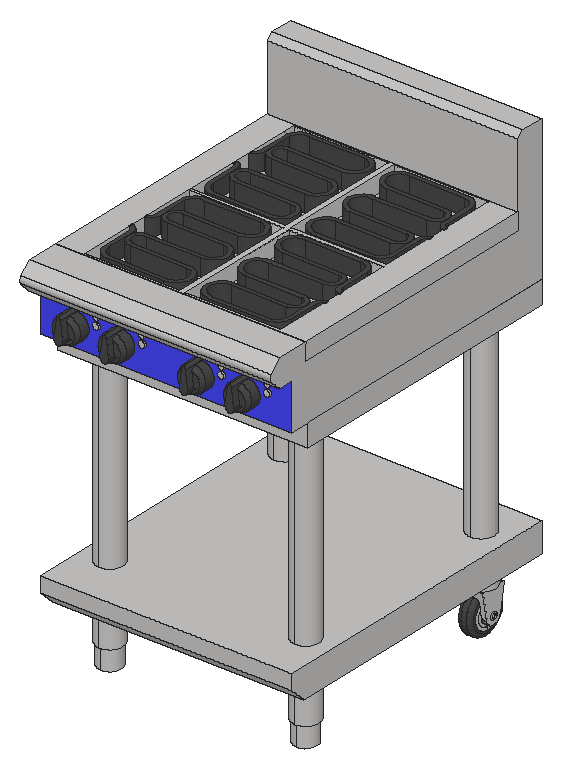
Revit family "QF_MOFFAT_BLUESEAL_CE_E514D-LS", category Specialty Equipment, Revit 2012
Parameters
  Width = 600 mm
  Weight in Pounds = 162  # constant formula
  Watts = 9600 W
  Volts = 400 V
  URL Cutsheet = "www.moffat.com"
  URL = "www.moffat.com"
  Type Mark [instance] = ""
  Status [instance] = ""
  Specification by User [instance] = ""
  Specification by Manufacturer = ""
  Show Logo [instance] = no
  Show Casters [instance] = yes
  Serial Number = ""
  Seismic Rating = ""
  SMACNA No = ""
  Revision Code [instance] = ""
  Phase = 3
  Omniclass Number and Title = ""
  Number of Poles = 1
  NAFEM Spec ID Number = ""
  Model = "E514D-LS"
  Min Ckt Ampacity = 0 A
  Max Overcurrent Protection = 0 A
  Masterspec = ""
  Manufacturer = "MOFFAT BLUESEAL"
  Legs [instance] = not(Show Casters)  # no
  Item Number [instance] = ""
  Installed By [instance] = ""
  Identify Quantity as Lot [instance] = yes
  HP = ""
  Furnished By [instance] = ""
  Foodservice Equipment Identifier [instance] = yes
  FL Amps = 20 A
  Electrical Remarks = "20A PER PHASE"
  Elec Conn RI Height = 0 mm
  Elec Conn Connection Height = 0 mm
  Description = "600MM ELECTRIC COOK TOP ON LEG STAND"
  Depth = 812 mm
  Cycle = 50 Hz
  Conn Plug = ""
  Conn Conduit = yes
  CSI MasterFormat = ""
  CSI Master Format = ""
  Base Height [instance] = 150 mm
  Apparent Power = if(Phase = 3, Volts * FL Amps * 1.73, Volts * FL Amps)  # 13840 VA
Reference planes
  plane 1 "BACK": y = 0
  plane 2: z = 0
  plane 3 "LEFT": x = 0
  plane 4 "RIGHT": x = 600
  plane 5 "FRONT": y = -812
  plane 6 "TOP": z = 970
  plane 7 "Center Y": x = 300
  plane 8 "Center X": y = -406
  plane 9 "Base Height": z = 150
  plane 10: z = 915
  plane 11: y = -31
  plane 12: z = 710
  plane 13: x = 470
  plane 14: z = 1085
  plane 15: x = 65.5
  plane 16: x = 534.5
  plane 17: y = -100
  plane 18: y = -625
Forms (mm)
  Extrusion 1, solid, material "QF_Finishes_Stainless Steel"
    sketch origin (0, 0, 0) x (0, 1, 0) y (0, 0, 1)
      loop
        line (-749, 850) -> (-749, 740) -> (0, 740) -> (0, 1085) -> (-57.5, 1085) -> (-70, 1072.5) -> (-70, 875) -> (-705, 875) -> (-705, 915) -> (-783.97, 915) -> (-808.485, 890.485)
        arc (-808.485, 890.485) -> (-811.999, 882) -> (-808.485, 873.515) r 12
        line (-808.485, 873.515) -> (-784.97, 850) -> (-749, 850)
      loop
        line (0, 685) -> (0, 739.5) -> (-699, 739.5) -> (-699, 685) -> (0, 685)
      loop
        line (0, 222.5) -> (-749, 222.5) -> (-749, 186) -> (-713, 150) -> (0, 150) -> (0, 222.5)
    from 0 to 600
  Revolve 2, solid, material "QF_Finishes_Black"
    sketch origin (88.961, 7, 598.311) x (0, 1, 0) y (0, 0, -1)
      loop
        line (-789, -229.5) -> (-766, -229.5) -> (-766, -202) -> (-756, -202) -> (-756, -197) -> (-800, -197) -> (-800, -223.651) -> (-789, -229.5)
      axis (-800, -197) -> (-756, -197)
    angle from 0 to 360
  Extrusion 3, solid, material "QF_Finishes_Black"
    sketch origin (88.961, -759, 795.311) x (0, 0, 1) y (1, 0, 0)
      loop
        arc (32.192, -4.965) -> (37.079, 0.034) -> (32.192, 5.033) r 5
        line (32.192, 5.033) -> (-10.726, 10.453)
        arc (-10.726, 10.453) -> (-22.392, 0.618) -> (-11.893, -10.454) r 10.487
        line (-11.893, -10.454) -> (32.192, -4.965)
    from 0 to -49
  Extrusion 4, solid, material "QF_Finishes_Stainless Steel"
    sketch origin (0, 0, 222.5) x (0, -1, 0) y (1, 0, 0)
      loop
        circle (100, 65) r 31.75
      loop
        circle (625, 65) r 31.75
      loop
        circle (100, 535) r 31.75
      loop
        circle (625, 535) r 31.75
    from 0 to 462.5
  Revolve 5, solid, material "QF_Finishes_Stainless Steel", visible <- "Legs"
    sketch origin (65.5, -166, 0) x (0, 1, 0) y (0, 0, 1)
      loop
        line (34.25, 150) -> (34.25, 50) -> (38.5, 50) -> (38.5, 0) -> (66, 0) -> (66, 150) -> (34.25, 150)
      axis (66, 150) -> (66, 0)
    angle from 0 to 360
  Revolve 6, solid, material "QF_Finishes_Stainless Steel"
    sketch origin (65.5, -735, 0) x (0, 1, 0) y (0, 0, 1)
      loop
        line (78.25, 150) -> (78.25, 50) -> (82.5, 50) -> (82.5, 0) -> (110, 0) -> (110, 150) -> (78.25, 150)
      axis (110, 150) -> (110, 0)
    angle from 0 to 360
  Revolve 7, solid, material "QF_Finishes_Stainless Steel", visible <- "Legs"
    sketch origin (534.5, -166, 0) x (0, 1, 0) y (0, 0, -1)
      loop
        line (34.25, -150) -> (66, -150) -> (66, 0) -> (38.5, 0) -> (38.5, -50) -> (34.25, -50) -> (34.25, -150)
      axis (66, -150) -> (66, 0)
    angle from 0 to 360
  Revolve 8, solid, material "QF_Finishes_Stainless Steel"
    sketch origin (534.5, -728, 0) x (0, 1, 0) y (0, 0, -1)
      loop
        line (71.25, -150) -> (103, -150) -> (103, 0) -> (75.5, 0) -> (75.5, -50) -> (71.25, -50) -> (71.25, -150)
      axis (103, -150) -> (103, 0)
    angle from 0 to 360
  Extrusion 9, void
    sketch origin (0, -699, 740) x (0, -1, 0) y (1, 0, 0)
      loop
        circle (-668, 470) r 6.35
    from 0 to -62.281
  Extrusion 10, solid, material "QF_Finishes_Stainless Steel"
    sketch origin (-45, -749, 850) x (0, 0, -1) y (1, 0, 0)
      loop
        circle (44.61, 179) r 7.15
      loop
        circle (24.61, 179) r 7.15
    from 0 to 3.2
  Revolve 11, solid, material "QF_Finishes_Stainless Steel", visible <- "Show Casters"
    sketch origin (16.276, -100.755, -13.653) x (1, 0, 0) y (0, 0, 1)
      loop
        line (14.841, 63.604) -> (83.584, 63.604) -> (83.584, 67.109) -> (82.314, 68.379) -> (80.79, 68.379) -> (80.79, 71.826) -> (68.644, 71.826) -> (68.644, 81.79) -> (65.088, 83.843) -> (63.738, 92.179) -> (65.881, 92.179) -> (65.881, 98.529) -> (65.088, 98.529) -> (65.088, 104.879)
        arc (65.088, 104.879) -> (62.298, 111.614) -> (55.563, 114.404) r 9.525
        line (55.563, 114.404) -> (42.863, 114.404)
        arc (42.863, 114.404) -> (36.127, 111.614) -> (33.338, 104.879) r 9.525
        line (33.338, 104.879) -> (33.338, 98.529) -> (32.544, 98.529) -> (32.544, 92.179) -> (34.687, 92.179) -> (33.352, 83.932) -> (29.782, 81.871) -> (29.782, 71.826) -> (17.635, 71.826) -> (17.635, 68.379) -> (16.111, 68.379) -> (14.841, 67.109) -> (14.841, 63.604)
      axis (14.841, 63.604) -> (83.584, 63.604)
    angle from 0 to 360
  Extrusion 12, solid, material "QF_Finishes_Stainless Steel", visible <- "Show Casters"
    sketch origin (72.001, 132.353, -8.783) x (0, 1, 0) y (0, 0, 1)
      loop
        line (-200.603, 118.783) -> (-264.103, 118.783) -> (-251.746, 53.895)
        arc (-251.746, 53.895) -> (-232.353, 38.783) -> (-212.959, 53.895) r 20
        line (-212.959, 53.895) -> (-200.603, 118.783)
    from -35.667 to 22.923
  Revolve 13, solid, material "QF_Finishes_Stainless Steel", visible <- "Show Casters"
    sketch origin (65.5, -204, 0) x (0, 1, 0) y (0, 0, 1)
      loop
        line (68.25, 150) -> (68.25, 110) -> (104, 110) -> (104, 150) -> (68.25, 150)
      axis (104, 150) -> (104, 110)
    angle from 0 to 360
  Revolve 14, solid, material "QF_Finishes_Stainless Steel", visible <- "Legs"
    sketch origin (65.5, -166, 0) x (0, 1, 0) y (0, 0, 1)
      loop
        line (34.25, 150) -> (34.25, 50) -> (38.5, 50) -> (38.5, 0) -> (66, 0) -> (66, 150) -> (34.25, 150)
      axis (66, 150) -> (66, 0)
    angle from 0 to 360
  Revolve 15, solid, material "QF_Finishes_Stainless Steel", visible <- "Show Casters"
    sketch origin (485.276, -100.755, -13.653) x (1, 0, 0) y (0, 0, 1)
      loop
        line (14.841, 63.604) -> (83.584, 63.604) -> (83.584, 67.109) -> (82.314, 68.379) -> (80.79, 68.379) -> (80.79, 71.826) -> (68.644, 71.826) -> (68.644, 81.79) -> (65.088, 83.843) -> (63.738, 92.179) -> (65.881, 92.179) -> (65.881, 98.529) -> (65.088, 98.529) -> (65.088, 104.879)
        arc (65.088, 104.879) -> (62.298, 111.614) -> (55.563, 114.404) r 9.525
        line (55.563, 114.404) -> (42.863, 114.404)
        arc (42.863, 114.404) -> (36.127, 111.614) -> (33.338, 104.879) r 9.525
        line (33.338, 104.879) -> (33.338, 98.529) -> (32.544, 98.529) -> (32.544, 92.179) -> (34.687, 92.179) -> (33.352, 83.932) -> (29.782, 81.871) -> (29.782, 71.826) -> (17.635, 71.826) -> (17.635, 68.379) -> (16.111, 68.379) -> (14.841, 67.109) -> (14.841, 63.604)
      axis (14.841, 63.604) -> (83.584, 63.604)
    angle from 0 to 360
  Extrusion 16, solid, material "QF_Finishes_Stainless Steel", visible <- "Show Casters"
    sketch origin (541.001, 132.353, -8.783) x (0, 1, 0) y (0, 0, 1)
      loop
        line (-200.603, 118.783) -> (-264.103, 118.783) -> (-251.746, 53.895)
        arc (-251.746, 53.895) -> (-232.353, 38.783) -> (-212.959, 53.895) r 20
        line (-212.959, 53.895) -> (-200.603, 118.783)
    from -35.667 to 22.923
  Revolve 17, solid, material "QF_Finishes_Stainless Steel", visible <- "Show Casters"
    sketch origin (534.5, -204, 0) x (0, 1, 0) y (0, 0, 1)
      loop
        line (68.25, 150) -> (68.25, 110) -> (104, 110) -> (104, 150) -> (68.25, 150)
      axis (104, 150) -> (104, 110)
    angle from 0 to 360
  Revolve 18, solid, material "QF_Finishes_Black"
    sketch origin (198.961, 7, 598.311) x (0, 1, 0) y (0, 0, -1)
      loop
        line (-789, -229.5) -> (-766, -229.5) -> (-766, -202) -> (-756, -202) -> (-756, -197) -> (-800, -197) -> (-800, -223.651) -> (-789, -229.5)
      axis (-800, -197) -> (-756, -197)
    angle from 0 to 360
  Extrusion 19, solid, material "QF_Finishes_Black"
    sketch origin (198.961, -759, 795.311) x (0, 0, 1) y (1, 0, 0)
      loop
        arc (32.192, -4.965) -> (37.079, 0.034) -> (32.192, 5.033) r 5
        line (32.192, 5.033) -> (-10.726, 10.453)
        arc (-10.726, 10.453) -> (-22.392, 0.618) -> (-11.893, -10.454) r 10.487
        line (-11.893, -10.454) -> (32.192, -4.965)
    from 0 to -49
  Extrusion 20, solid, material "QF_Finishes_Stainless Steel"
    sketch origin (65, -749, 850) x (0, 0, -1) y (1, 0, 0)
      loop
        circle (44.61, 179) r 7.15
      loop
        circle (24.61, 179) r 7.15
    from 0 to 3.2
  Revolve 21, solid, material "QF_Finishes_Black"
    sketch origin (388.961, 7, 598.311) x (0, 1, 0) y (0, 0, -1)
      loop
        line (-789, -229.5) -> (-766, -229.5) -> (-766, -202) -> (-756, -202) -> (-756, -197) -> (-800, -197) -> (-800, -223.651) -> (-789, -229.5)
      axis (-800, -197) -> (-756, -197)
    angle from 0 to 360
  Extrusion 22, solid, material "QF_Finishes_Black"
    sketch origin (388.961, -759, 795.311) x (0, 0, 1) y (1, 0, 0)
      loop
        arc (32.192, -4.965) -> (37.079, 0.034) -> (32.192, 5.033) r 5
        line (32.192, 5.033) -> (-10.726, 10.453)
        arc (-10.726, 10.453) -> (-22.392, 0.618) -> (-11.893, -10.454) r 10.487
        line (-11.893, -10.454) -> (32.192, -4.965)
    from 0 to -49
  Extrusion 23, solid, material "QF_Finishes_Stainless Steel"
    sketch origin (255, -749, 850) x (0, 0, -1) y (1, 0, 0)
      loop
        circle (44.61, 179) r 7.15
      loop
        circle (24.61, 179) r 7.15
    from 0 to 3.2
  Revolve 24, solid, material "QF_Finishes_Black"
    sketch origin (498.961, 7, 598.311) x (0, 1, 0) y (0, 0, -1)
      loop
        line (-789, -229.5) -> (-766, -229.5) -> (-766, -202) -> (-756, -202) -> (-756, -197) -> (-800, -197) -> (-800, -223.651) -> (-789, -229.5)
      axis (-800, -197) -> (-756, -197)
    angle from 0 to 360
  Extrusion 25, solid, material "QF_Finishes_Black"
    sketch origin (498.961, -759, 795.311) x (0, 0, 1) y (1, 0, 0)
      loop
        arc (32.192, -4.965) -> (37.079, 0.034) -> (32.192, 5.033) r 5
        line (32.192, 5.033) -> (-10.726, 10.453)
        arc (-10.726, 10.453) -> (-22.392, 0.618) -> (-11.893, -10.454) r 10.487
        line (-11.893, -10.454) -> (32.192, -4.965)
    from 0 to -49
  Extrusion 26, solid, material "QF_Finishes_Stainless Steel"
    sketch origin (365, -749, 850) x (0, 0, -1) y (1, 0, 0)
      loop
        circle (44.61, 179) r 7.15
      loop
        circle (24.61, 179) r 7.15
    from 0 to 3.2
Cuts and joins
  Extrusion 9 cuts Extrusion 1
Lines and regions (mm)
  Split face 1
    outline origin (600, 0, 1085) x (-1, 0, 0) y (0, -1, 0)
      loop
        arc (556, 18.385) -> (564.66, 23.385) -> (564.66, 33.385) r 10
        line (564.66, 33.385) -> (560.619, 40.385)
        arc (560.619, 40.385) -> (556.959, 44.045) -> (551.959, 45.385) r 10
        line (551.959, 45.385) -> (324, 45.385)
        arc (324, 45.385) -> (315.34, 40.385) -> (315.34, 30.385) r 10
        line (315.34, 30.385) -> (319.381, 23.385)
        arc (319.381, 23.385) -> (323.041, 19.725) -> (328.041, 18.385) r 10
        line (328.041, 18.385) -> (556, 18.385)
  Split face 2
    outline origin (600, 0, 1085) x (-1, 0, 0) y (0, -1, 0)
      loop
        arc (276, 18.385) -> (284.66, 23.385) -> (284.66, 33.385) r 10
        line (284.66, 33.385) -> (280.619, 40.385)
        arc (280.619, 40.385) -> (276.959, 44.045) -> (271.959, 45.385) r 10
        line (271.959, 45.385) -> (44, 45.385)
        arc (44, 45.385) -> (35.34, 40.385) -> (35.34, 30.385) r 10
        line (35.34, 30.385) -> (39.381, 23.385)
        arc (39.381, 23.385) -> (43.041, 19.725) -> (48.041, 18.385) r 10
        line (48.041, 18.385) -> (276, 18.385)
  symbolic lines, style "SpecialityEquipmentHiddenLines", visible <- "Show Casters"
    curve 1: line (78.456, -46.735, 0) -> (105.952, -62.61, 0)
    curve 2: line (27.656, -134.723, 0) -> (78.456, -46.735, 0)
    curve 3: line (55.152, -150.598, 0) -> (27.656, -134.723, 0)
    curve 4: line (105.952, -62.61, 0) -> (55.152, -150.598, 0)
    curve 5: line (548.456, -46.735, 0) -> (575.952, -62.61, 0)
    curve 6: line (497.656, -134.723, 0) -> (548.456, -46.735, 0)
    curve 7: line (525.152, -150.598, 0) -> (497.656, -134.723, 0)
    curve 8: line (575.952, -62.61, 0) -> (525.152, -150.598, 0)
  symbolic lines
    curve 9: line (271.959, -18.385, 0) -> (44, -18.385, 0)
    curve 10: arc (44, -18.385, 0) -> (35.34, -23.385, 0) -> (35.34, -33.385, 0) r 10
    curve 11: line (35.34, -33.385, 0) -> (39.381, -40.385, 0)
    curve 12: arc (39.381, -40.385, 0) -> (43.041, -44.045, 0) -> (48.041, -45.385, 0) r 10
    curve 13: line (48.041, -45.385, 0) -> (276, -45.385, 0)
    curve 14: arc (276, -45.385, 0) -> (284.66, -40.385, 0) -> (284.66, -30.385, 0) r 10
    curve 15: line (284.66, -30.385, 0) -> (280.619, -23.385, 0)
    curve 16: arc (280.619, -23.385, 0) -> (276.959, -19.725, 0) -> (271.959, -18.385, 0) r 10
    curve 17: line (324, -18.385, 0) -> (551.959, -18.385, 0)
    curve 18: arc (551.959, -18.385, 0) -> (556.959, -19.725, 0) -> (560.619, -23.385, 0) r 10
    curve 19: line (560.619, -23.385, 0) -> (564.66, -30.385, 0)
    curve 20: arc (564.66, -30.385, 0) -> (564.66, -40.385, 0) -> (556, -45.385, 0) r 10
    curve 21: line (556, -45.385, 0) -> (328.041, -45.385, 0)
    curve 22: arc (328.041, -45.385, 0) -> (323.041, -44.045, 0) -> (319.381, -40.385, 0) r 10
    curve 23: line (319.381, -40.385, 0) -> (315.34, -33.385, 0)
    curve 24: arc (315.34, -33.385, 0) -> (315.34, -23.385, 0) -> (324, -18.385, 0) r 10
    curve 25: line (0, -783.97, 0) -> (600, -783.97, 0)
    curve 26: line (0, 0, 0) -> (0, -811.999, 0)
    curve 27: line (600, -811.999, 0) -> (600, 0, 0)
    curve 28: line (600, -811.999, 0) -> (0, -811.999, 0)
    curve 29: line (0, -70, 0) -> (600, -70, 0)
    curve 30: line (0, -57.5, 0) -> (600, -57.5, 0)
    curve 31: line (600, 0, 0) -> (0, 0, 0)
Dimensions and locks
  equal spacing: plane 3 "LEFT", plane 7 "Center Y", plane 4 "RIGHT"
  "Width": plane 3 "LEFT" to plane 4 "RIGHT"
  equal spacing: plane 5 "FRONT", plane 8 "Center X", plane 1 "BACK"
  "Depth": plane 5 "FRONT" to plane 1 "BACK"
  equal spacing: plane 4 "RIGHT", plane 7 "Center Y", plane 3 "LEFT"
  plane 4 "RIGHT" to plane 3 "LEFT" = 600 mm
  plane 5 "FRONT" to plane 1 "BACK" = 812 mm
  "Base Height": plane 9 "Base Height" to level
  plane 6 "TOP" to level = 970 mm
  plane 10 to level = 915 mm
  plane 11 to plane 1 "BACK" = 31 mm
  plane 12 to level = 710 mm
  plane 13 to plane 4 "RIGHT" = 130 mm
  plane 14 to plane 2 = 1085 mm
  Revolve 11 sketch curve to Revolve 11 sketch curve = 50.8 mm
  Revolve 15 sketch curve to Revolve 15 sketch curve = 50.8 mm
  plane 2 to cut or joined group of Extrusion 1, Extrusion 9 = 740 mm
  Extrusion 9 sketch curve to plane 1 "BACK" = 31 mm
  plane 15 to plane 16 = 469 mm
  plane 17 to plane 18 = 525 mm
  aligned and locked: level to plane 2
  aligned and locked: Extrusion 4 to cut or joined group of Extrusion 1, Extrusion 9
Automatic sketch dimensions
  plane 1 "BACK" to curve 31 = 0 mm
  curve 31 to plane 3 "LEFT" = 0 mm
  curve 27 to plane 4 "RIGHT" = 0 mm
  plane 3 "LEFT" to curve 3 = 27.656 mm
  curve 10 to plane 11 = 2.385 mm
  plane 15 to curve 10 = 30.16 mm
  curve 11 to curve 12 = 4.041 mm
  curve 10 to curve 9 = 8.66 mm
  curve 12 to plane 11 = 4.385 mm
  curve 10 to curve 12 = 4.041 mm
  plane 15 to curve 3 = 10.348 mm
  curve 2 to plane 15 = 12.956 mm
  plane 11 to curve 9 = 12.615 mm
  curve 9 to plane 7 "Center Y" = 28.041 mm
  curve 14 to plane 11 = 4.385 mm
  curve 16 to curve 14 = 4.041 mm
  plane 11 to curve 15 = 7.615 mm
  curve 16 to curve 15 = 8.66 mm
  plane 11 to curve 14 = 0.615 mm
  curve 15 to curve 14 = 4.041 mm
  curve 24 to plane 11 = 2.385 mm
  plane 7 "Center Y" to curve 24 = 15.34 mm
  curve 23 to plane 11 = 9.385 mm
  curve 23 to curve 23 = 4.041 mm
  plane 11 to curve 17 = 12.615 mm
  curve 24 to curve 17 = 8.66 mm
  curve 23 to curve 22 = 8.66 mm
  plane 13 to curve 7 = 27.656 mm
  plane 16 to curve 8 = 9.348 mm
  curve 6 to plane 16 = 13.956 mm
  curve 18 to plane 16 = 17.459 mm
  curve 5 to curve 21 = 7.544 mm
  plane 11 to curve 19 = 7.615 mm
  curve 17 to curve 19 = 8.66 mm
  plane 11 to curve 20 = 0.615 mm
  curve 18 to curve 20 = 4.041 mm
  curve 1 to plane 11 = 15.735 mm
  curve 5 to plane 11 = 15.735 mm
  curve 30 to plane 11 = 26.5 mm
  curve 4 to curve 1 = 15.875 mm
  curve 5 to curve 30 = 5.11 mm
  curve 29 to curve 30 = 12.5 mm
  curve 25 to plane 5 "FRONT" = 28.03 mm
  curve 28 to plane 5 "FRONT" = 0.001 mm
  curve 22 to curve 23 = 5 mm
  plane 10 to Extrusion 1 sketch curve = 0 mm
  Extrusion 1 sketch curve to plane 9 "Base Height" = 0 mm
  plane 14 to Extrusion 1 sketch curve = 0 mm
  Extrusion 1 sketch curve to plane 1 "BACK" = 0 mm  (x3)
  Extrusion 1 sketch curve to plane 11 = 26.5 mm
  plane 14 to Extrusion 1 sketch curve = 12.5 mm
  Extrusion 1 sketch curve to Extrusion 1 sketch curve = 12.5 mm
  Extrusion 1 sketch curve to plane 12 = 25 mm
  plane 18 to Extrusion 1 sketch curve = 74 mm
  plane 18 to Extrusion 1 sketch curve = 80 mm
  plane 18 to Extrusion 1 sketch curve = 88 mm
  Extrusion 1 sketch curve to Extrusion 1 sketch curve = 44 mm
  Extrusion 1 sketch curve to Extrusion 1 sketch curve = 36 mm
  Extrusion 1 sketch curve to plane 5 "FRONT" = 28.03 mm
  Extrusion 1 sketch curve to plane 5 "FRONT" = 27.03 mm
  Extrusion 1 sketch curve to plane 5 "FRONT" = 12.001 mm
  Extrusion 1 sketch curve to plane 5 "FRONT" = 3.515 mm  (x2)
  plane 9 "Base Height" to Extrusion 1 sketch curve = 36 mm
  plane 9 "Base Height" to Extrusion 1 sketch curve = 72.5 mm
  plane 12 to Extrusion 1 sketch curve = 29.5 mm
  Extrusion 1 sketch curve to Extrusion 1 sketch curve = 0.5 mm
  plane 10 to Extrusion 1 sketch curve = 65 mm
  Extrusion 1 sketch curve to Extrusion 1 sketch curve = 23.515 mm
  plane 10 to Extrusion 1 sketch curve = 40 mm
  Extrusion 1 sketch curve to Extrusion 1 sketch curve = 8.485 mm
  Revolve 2 sketch curve to plane 5 "FRONT" = 19 mm
  Revolve 2 sketch curve to Revolve 2 sketch curve = 0 mm  (x2)
  Revolve 2 sketch curve to Revolve 2 sketch curve = 11 mm
  Revolve 2 sketch curve to Revolve 2 sketch curve = 12.7 mm
  Revolve 2 sketch curve to Revolve 2 sketch curve = 23 mm
  Revolve 2 sketch curve to Revolve 2 sketch curve = 10 mm
  plane 10 to Revolve 2 sketch curve = 87.189 mm
  Revolve 2 sketch curve to Revolve 2 sketch curve = 5.849 mm
  Revolve 2 sketch curve to Revolve 2 sketch curve = 27.5 mm
  Revolve 2 sketch curve to Revolve 2 sketch curve = 5 mm
  Extrusion 3 sketch curve to Revolve 2 = 0.034 mm  (x2)
  Revolve 2 to Extrusion 3 sketch curve = 10.454 mm
  Extrusion 3 sketch curve to Extrusion 3 sketch curve = 0.028 mm
  Extrusion 3 sketch curve to Revolve 2 = 10.453 mm
  Extrusion 3 sketch curve to Extrusion 3 sketch curve = 44 mm
  Extrusion 3 sketch curve to Revolve 2 = 5.033 mm
  Extrusion 3 sketch curve to Extrusion 3 sketch curve = 0.113 mm
  Revolve 2 to Extrusion 3 sketch curve = 4.965 mm
  Extrusion 4 sketch curve to Extrusion 4 sketch curve = 0 mm  (x8)
  Extrusion 1 to Extrusion 4 sketch curve = 68.25 mm  (x2)
  Extrusion 4 sketch curve to Extrusion 4 sketch curve = 31.75 mm  (x4)
  Extrusion 4 sketch curve to Extrusion 1 = 155.75 mm  (x2)
  Extrusion 1 to Extrusion 4 sketch curve = 65 mm  (x4)
  Revolve 5 sketch curve to plane 9 "Base Height" = 0 mm
  Revolve 5 sketch curve to level = 0 mm
  Revolve 5 sketch curve to plane 17 = 0 mm  (x2)
  Revolve 5 sketch curve to plane 17 = 27.5 mm
  Revolve 5 sketch curve to plane 17 = 31.75 mm
  Revolve 5 sketch curve to Revolve 5 sketch curve = 55 mm
  level to Revolve 5 sketch curve = 50 mm
  Revolve 5 sketch curve to Revolve 5 sketch curve = 0 mm
  Revolve 6 sketch curve to plane 9 "Base Height" = 0 mm
  Revolve 6 sketch curve to level = 0 mm
  Revolve 6 sketch curve to plane 18 = 0 mm  (x2)
  Revolve 6 sketch curve to Revolve 6 sketch curve = 27.5 mm
  Revolve 6 sketch curve to Revolve 6 sketch curve = 31.75 mm
  Revolve 6 sketch curve to Revolve 6 sketch curve = 55 mm
  level to Revolve 6 sketch curve = 50 mm
  Revolve 6 sketch curve to Revolve 6 sketch curve = 0 mm
  Revolve 7 sketch curve to plane 9 "Base Height" = 0 mm
  Revolve 7 sketch curve to level = 0 mm
  Revolve 7 sketch curve to plane 17 = 0 mm  (x2)
  Revolve 7 sketch curve to plane 17 = 27.5 mm
  Revolve 7 sketch curve to plane 17 = 31.75 mm
  level to Revolve 7 sketch curve = 50 mm
  Revolve 7 sketch curve to Revolve 7 sketch curve = 0 mm
  Revolve 7 sketch curve to Revolve 7 sketch curve = 55 mm
  Revolve 8 sketch curve to plane 9 "Base Height" = 0 mm
  Revolve 8 sketch curve to level = 0 mm
  Revolve 8 sketch curve to plane 18 = 0 mm  (x2)
  plane 18 to Revolve 8 sketch curve = 27.5 mm
  plane 18 to Revolve 8 sketch curve = 31.75 mm
  level to Revolve 8 sketch curve = 50 mm
  Revolve 8 sketch curve to Revolve 8 sketch curve = 0 mm
  Revolve 8 sketch curve to Revolve 8 sketch curve = 55 mm
  Extrusion 9 sketch curve to Extrusion 1 = 130 mm
  Split face 1 sketch curve to cut or joined group of Extrusion 1, Extrusion 9 = 27.115 mm
  Split face 1 sketch curve to cut or joined group of Extrusion 1, Extrusion 9 = 284.66 mm
  Split face 1 sketch curve to Split face 1 sketch curve = 4.041 mm  (x4)
  Split face 1 sketch curve to Split face 1 sketch curve = 8.66 mm  (x2)
  Split face 1 sketch curve to cut or joined group of Extrusion 1, Extrusion 9 = 12.115 mm
  Split face 1 sketch curve to cut or joined group of Extrusion 1, Extrusion 9 = 48.041 mm
  Split face 1 sketch curve to Split face 1 sketch curve = 7 mm  (x3)
  Split face 1 sketch curve to Split face 1 sketch curve = 17 mm
  Split face 2 sketch curve to cut or joined group of Extrusion 1, Extrusion 9 = 35.34 mm
  Split face 2 sketch curve to Split face 2 sketch curve = 4.041 mm  (x4)
  Split face 2 sketch curve to Split face 2 sketch curve = 8.66 mm  (x2)
  Split face 2 sketch curve to cut or joined group of Extrusion 1, Extrusion 9 = 12.115 mm
  Split face 2 sketch curve to Split face 2 sketch curve = 223.917 mm
  Split face 2 sketch curve to Split face 2 sketch curve = 5 mm
  Split face 2 sketch curve to Split face 2 sketch curve = 10 mm
  Split face 2 sketch curve to Split face 2 sketch curve = 7 mm  (x3)
  Extrusion 10 sketch curve to Extrusion 1 = 24.61 mm
  Extrusion 10 sketch curve to Extrusion 10 sketch curve = 20 mm
  Extrusion 1 to Extrusion 10 sketch curve = 134 mm
  Extrusion 10 sketch curve to Extrusion 10 sketch curve = 0 mm
  plane 3 "LEFT" to Revolve 11 sketch curve = 31.118 mm
  Revolve 11 sketch curve to Revolve 11 sketch curve = 1.27 mm  (x4)
  Revolve 11 sketch curve to Revolve 11 sketch curve = 1.524 mm  (x2)
  Revolve 11 sketch curve to Revolve 11 sketch curve = 12.146 mm  (x2)
  plane 15 to Revolve 11 sketch curve = 16.68 mm
  Revolve 11 sketch curve to Revolve 11 sketch curve = 0.794 mm  (x2)
  Revolve 11 sketch curve to Revolve 11 sketch curve = 3.57 mm
  Revolve 11 sketch curve to Revolve 11 sketch curve = 2.143 mm
  plane 15 to Revolve 11 sketch curve = 6.361 mm
  Revolve 11 sketch curve to plane 15 = 5.13 mm
  Revolve 11 sketch curve to plane 15 = 6.339 mm
  Revolve 11 sketch curve to plane 15 = 14.515 mm
  Revolve 11 sketch curve to Revolve 11 sketch curve = 1.349 mm  (x2)
  Revolve 11 sketch curve to Revolve 11 sketch curve = 3.556 mm
  Revolve 11 sketch curve to Revolve 11 sketch curve = 33.32 mm
  level to Revolve 11 sketch curve = 49.952 mm
  Revolve 11 sketch curve to Revolve 11 sketch curve = 0 mm
  Revolve 11 sketch curve to Revolve 11 sketch curve = 3.505 mm  (x2)
  Revolve 11 sketch curve to Revolve 11 sketch curve = 3.447 mm  (x2)
  Revolve 11 sketch curve to Revolve 11 sketch curve = 9.964 mm
  Revolve 11 sketch curve to Revolve 11 sketch curve = 10.045 mm
  Revolve 11 sketch curve to Revolve 11 sketch curve = 2.053 mm
  Revolve 11 sketch curve to Revolve 11 sketch curve = 2.061 mm
  Revolve 11 sketch curve to Revolve 11 sketch curve = 8.247 mm
  Revolve 11 sketch curve to Revolve 11 sketch curve = 8.336 mm
  Revolve 11 sketch curve to Revolve 11 sketch curve = 6.35 mm  (x2)
  Extrusion 12 sketch curve to plane 17 = 0 mm
  Extrusion 12 sketch curve to plane 17 = 19.393 mm
  Extrusion 12 sketch curve to plane 17 = 31.75 mm
  plane 17 to Extrusion 12 sketch curve = 19.393 mm
  plane 17 to Extrusion 12 sketch curve = 31.75 mm
  level to Extrusion 12 sketch curve = 45.111 mm
  Extrusion 12 sketch curve to Extrusion 12 sketch curve = 4.889 mm
  Extrusion 12 sketch curve to plane 9 "Base Height" = 40 mm
  Revolve 13 sketch curve to plane 9 "Base Height" = 0 mm
  Revolve 13 sketch curve to plane 17 = 0 mm  (x2)
  Revolve 13 sketch curve to plane 17 = 35.75 mm
  Revolve 13 sketch curve to Revolve 13 sketch curve = 40 mm
  level to Revolve 13 sketch curve = 50 mm
  Revolve 13 sketch curve to level = 55 mm
  Revolve 14 sketch curve to plane 9 "Base Height" = 0 mm
  Revolve 14 sketch curve to level = 0 mm
  Revolve 14 sketch curve to plane 17 = 0 mm  (x2)
  Revolve 14 sketch curve to plane 17 = 27.5 mm
  Revolve 14 sketch curve to plane 17 = 31.75 mm
  Revolve 14 sketch curve to Revolve 14 sketch curve = 55 mm
  level to Revolve 14 sketch curve = 50 mm
  Revolve 14 sketch curve to Revolve 14 sketch curve = 0 mm
  plane 13 to Revolve 15 sketch curve = 30.118 mm
  Revolve 15 sketch curve to Revolve 15 sketch curve = 1.27 mm  (x4)
  Revolve 15 sketch curve to Revolve 15 sketch curve = 1.524 mm  (x2)
  Revolve 15 sketch curve to Revolve 15 sketch curve = 12.146 mm  (x2)
  plane 16 to Revolve 15 sketch curve = 16.68 mm
  Revolve 15 sketch curve to Revolve 15 sketch curve = 0.794 mm  (x2)
  Revolve 15 sketch curve to Revolve 15 sketch curve = 3.57 mm
  Revolve 15 sketch curve to Revolve 15 sketch curve = 2.143 mm
  plane 16 to Revolve 15 sketch curve = 6.361 mm
  Revolve 15 sketch curve to plane 16 = 5.13 mm
  Revolve 15 sketch curve to plane 16 = 6.339 mm
  Revolve 15 sketch curve to plane 16 = 14.515 mm
  Revolve 15 sketch curve to Revolve 15 sketch curve = 1.349 mm  (x2)
  Revolve 15 sketch curve to Revolve 15 sketch curve = 3.556 mm
  Revolve 15 sketch curve to plane 4 "RIGHT" = 2.18 mm
  level to Revolve 15 sketch curve = 49.952 mm
  Revolve 15 sketch curve to Revolve 15 sketch curve = 0 mm
  Revolve 15 sketch curve to Revolve 15 sketch curve = 3.505 mm  (x2)
  Revolve 15 sketch curve to Revolve 15 sketch curve = 3.447 mm  (x2)
  Revolve 15 sketch curve to Revolve 15 sketch curve = 9.964 mm
  Revolve 15 sketch curve to Revolve 15 sketch curve = 10.045 mm
  Revolve 15 sketch curve to Revolve 15 sketch curve = 2.053 mm
  Revolve 15 sketch curve to Revolve 15 sketch curve = 2.061 mm
  Revolve 15 sketch curve to Revolve 15 sketch curve = 8.247 mm
  Revolve 15 sketch curve to Revolve 15 sketch curve = 8.336 mm
  Revolve 15 sketch curve to Revolve 15 sketch curve = 6.35 mm  (x2)
  Extrusion 16 sketch curve to plane 17 = 0 mm
  Extrusion 16 sketch curve to plane 17 = 19.393 mm
  Extrusion 16 sketch curve to plane 17 = 31.75 mm
  plane 17 to Extrusion 16 sketch curve = 19.393 mm
  plane 17 to Extrusion 16 sketch curve = 31.75 mm
  level to Extrusion 16 sketch curve = 45.111 mm
  Extrusion 16 sketch curve to Extrusion 16 sketch curve = 4.889 mm
  Extrusion 16 sketch curve to plane 9 "Base Height" = 40 mm
  Revolve 17 sketch curve to plane 9 "Base Height" = 0 mm
  Revolve 17 sketch curve to plane 17 = 0 mm  (x2)
  Revolve 17 sketch curve to Revolve 17 sketch curve = 35.75 mm
  Revolve 17 sketch curve to Revolve 17 sketch curve = 40 mm
  level to Revolve 17 sketch curve = 50 mm
  Revolve 17 sketch curve to level = 55 mm
  Revolve 18 sketch curve to plane 5 "FRONT" = 19 mm
  Revolve 18 sketch curve to Revolve 18 sketch curve = 0 mm  (x2)
  Revolve 18 sketch curve to Revolve 18 sketch curve = 11 mm
  Revolve 18 sketch curve to Revolve 18 sketch curve = 12.7 mm
  Revolve 18 sketch curve to Revolve 18 sketch curve = 23 mm
  Revolve 18 sketch curve to Revolve 18 sketch curve = 10 mm
  plane 10 to Revolve 18 sketch curve = 87.189 mm
  Revolve 18 sketch curve to Revolve 18 sketch curve = 5.849 mm
  Revolve 18 sketch curve to Revolve 18 sketch curve = 27.5 mm
  Revolve 18 sketch curve to Revolve 18 sketch curve = 5 mm
  Extrusion 19 sketch curve to Revolve 18 = 0.034 mm  (x2)
  Revolve 18 to Extrusion 19 sketch curve = 10.454 mm
  Extrusion 19 sketch curve to Extrusion 19 sketch curve = 0.028 mm
  Extrusion 19 sketch curve to Revolve 18 = 10.453 mm
  Extrusion 19 sketch curve to Extrusion 19 sketch curve = 44 mm
  Extrusion 19 sketch curve to Revolve 18 = 5.033 mm
  Extrusion 19 sketch curve to Extrusion 19 sketch curve = 0.113 mm
  Revolve 18 to Extrusion 19 sketch curve = 4.965 mm
  Extrusion 20 sketch curve to Extrusion 1 = 24.61 mm
  Extrusion 20 sketch curve to Extrusion 20 sketch curve = 20 mm
  Extrusion 1 to Extrusion 20 sketch curve = 244 mm
  Extrusion 20 sketch curve to Extrusion 20 sketch curve = 0 mm
  Revolve 21 sketch curve to plane 5 "FRONT" = 19 mm
  Revolve 21 sketch curve to Revolve 21 sketch curve = 0 mm  (x2)
  Revolve 21 sketch curve to Revolve 21 sketch curve = 11 mm
  Revolve 21 sketch curve to Revolve 21 sketch curve = 12.7 mm
  Revolve 21 sketch curve to Revolve 21 sketch curve = 23 mm
  Revolve 21 sketch curve to Revolve 21 sketch curve = 10 mm
  plane 10 to Revolve 21 sketch curve = 87.189 mm
  Revolve 21 sketch curve to Revolve 21 sketch curve = 5.849 mm
  Revolve 21 sketch curve to Revolve 21 sketch curve = 27.5 mm
  Revolve 21 sketch curve to Revolve 21 sketch curve = 5 mm
  Extrusion 22 sketch curve to Revolve 21 = 0.034 mm  (x2)
  Revolve 21 to Extrusion 22 sketch curve = 10.454 mm
  Extrusion 22 sketch curve to Extrusion 22 sketch curve = 0.028 mm
  Extrusion 22 sketch curve to Revolve 21 = 10.453 mm
  Extrusion 22 sketch curve to Extrusion 22 sketch curve = 44 mm
  Extrusion 22 sketch curve to Revolve 21 = 5.033 mm
  Extrusion 22 sketch curve to Extrusion 22 sketch curve = 0.113 mm
  Revolve 21 to Extrusion 22 sketch curve = 4.965 mm
  Extrusion 23 sketch curve to Extrusion 1 = 24.61 mm
  Extrusion 23 sketch curve to Extrusion 23 sketch curve = 20 mm
  Extrusion 1 to Extrusion 23 sketch curve = 166 mm
  Extrusion 23 sketch curve to Extrusion 23 sketch curve = 0 mm
  Revolve 24 sketch curve to plane 5 "FRONT" = 19 mm
  Revolve 24 sketch curve to Revolve 24 sketch curve = 0 mm  (x2)
  Revolve 24 sketch curve to Revolve 24 sketch curve = 11 mm
  Revolve 24 sketch curve to Revolve 24 sketch curve = 12.7 mm
  Revolve 24 sketch curve to Revolve 24 sketch curve = 23 mm
  Revolve 24 sketch curve to Revolve 24 sketch curve = 10 mm
  plane 10 to Revolve 24 sketch curve = 87.189 mm
  Revolve 24 sketch curve to Revolve 24 sketch curve = 5.849 mm
  Revolve 24 sketch curve to Revolve 24 sketch curve = 27.5 mm
  Revolve 24 sketch curve to Revolve 24 sketch curve = 5 mm
  Extrusion 25 sketch curve to Revolve 24 = 0.034 mm  (x2)
  Revolve 24 to Extrusion 25 sketch curve = 10.454 mm
  Extrusion 25 sketch curve to Extrusion 25 sketch curve = 0.028 mm
  Extrusion 25 sketch curve to Revolve 24 = 10.453 mm
  Extrusion 25 sketch curve to Extrusion 25 sketch curve = 44 mm
  Extrusion 25 sketch curve to Revolve 24 = 5.033 mm
  Extrusion 25 sketch curve to Extrusion 25 sketch curve = 0.113 mm
  Revolve 24 to Extrusion 25 sketch curve = 4.965 mm
  Extrusion 26 sketch curve to Extrusion 1 = 24.61 mm
  Extrusion 26 sketch curve to Extrusion 26 sketch curve = 20 mm
  Extrusion 1 to Extrusion 26 sketch curve = 56 mm
  Extrusion 26 sketch curve to Extrusion 26 sketch curve = 0 mm
  radius of Extrusion 9 sketch curve = 6.35 mm
  radius of Extrusion 10 sketch curve = 7.15 mm  (x2)
  radius of Extrusion 20 sketch curve = 7.15 mm  (x2)
  radius of Extrusion 23 sketch curve = 7.15 mm  (x2)
  radius of Extrusion 26 sketch curve = 7.15 mm  (x2)
Nested families
  nested 1: "WALDORF LOGO_FACE BASE" at (32, -70, 1057.475) x (1, 0, 0) z (0, -1, 0), visible <- "Show Logo", type "WALDORF LOGO_FACE BASE", detail levels medium+fine
    with Show Logo yes
  nested 2: "ELECTRIC BURNER 600" at (0, -70, 875), type "ELECTRIC BURNER 600"
    with Type Mark "", Status "", Specification by User "", Revision Code "", Item Number "", Installed By "", Identify Quantity as Lot yes, Furnished By "", Foodservice Equipment Identifier yes
Connectors
  electrical at (470, -31, 740), driven by "Volts", driven by "Watts"
    settings: on Extrusion 9, index 1, voltage 400 V, apparent load 9600 VA, apparent load phase1 0 VA, apparent load phase2 0 VA, apparent load phase3 0 VA, power factor 1, load classification "Other", number of poles 1, system type 30, power factor state 1, is connector primary yes, connector utility no, sub classification motor no, connector description "ELECTRICAL CONNECTION"
Definition of nested family "WALDORF LOGO_FACE BASE"
  Parameters (values of type "WALDORF LOGO_FACE BASE")
    Show Logo [instance] = yes
    Default Elevation = 1219.2 mm
  Reference planes
    plane 1 "Center (Front/Back)": y = 0
    plane 2: z = 0
    plane 3 "Center (Left/Right)": x = 0
  Forms (mm)
    Extrusion 1, solid
      sketch origin (0, 0, 0) x (1, 0, 0) y (0, 1, 0)
        loop
          line (-1219.2, 1219.2) -> (-1219.2, -1219.2) -> (1219.2, -1219.2) -> (1219.2, 1219.2) -> (-1219.2, 1219.2)
      from 0 to -304.8
    Extrusion 2, solid, material "QF_Finishes_Blue", visible <- "Show Logo"
      sketch origin (0, -33.217, 0) x (1, 0, 0) y (0, 1, 0)
        loop
          arc (138, 31.942) -> (137.626, 32.844) -> (136.724, 33.217) r 1.276
          line (136.724, 33.217) -> (1.29, 33.217)
          arc (1.29, 33.217) -> (0.378, 32.839) -> (0, 31.927) r 1.29
          line (0, 31.927) -> (0, 11.507)
          arc (0, 11.507) -> (0.378, 10.595) -> (1.29, 10.217) r 1.29
          line (1.29, 10.217) -> (136.71, 10.217)
          arc (136.71, 10.217) -> (137.622, 10.595) -> (138, 11.507) r 1.29
          line (138, 11.507) -> (138, 31.942)
      from 0 to 1.588
    Extrusion 3, solid, material "QF_Finishes_White", visible <- "Show Logo"
      sketch origin (0, -33.217, 1.588) x (1, 0, 0) y (0, 1, 0)
        loop
          arc (108.946, 25.919) -> (107.613, 25.367) -> (107.061, 24.034) r 1.885
          line (107.061, 24.034) -> (107.061, 17.211) -> (112.704, 17.211) -> (112.704, 19.129) -> (115.546, 19.129) -> (115.546, 17.211) -> (121.584, 17.211) -> (121.584, 24.075)
          arc (121.584, 24.075) -> (121.043, 25.379) -> (119.739, 25.919) r 1.845
          line (119.739, 25.919) -> (108.946, 25.919)
        loop
          line (123.478, 25.919) -> (123.478, 17.163) -> (134.904, 17.163) -> (134.904, 19.129) -> (129.246, 19.129) -> (129.246, 25.919) -> (123.478, 25.919)
        loop
          line (112.704, 21.258) -> (115.546, 21.258) -> (115.546, 22.702)
          arc (115.546, 22.702) -> (115.344, 23.188) -> (114.858, 23.389) r 0.687
          line (114.858, 23.389) -> (113.363, 23.389)
          arc (113.363, 23.389) -> (112.897, 23.196) -> (112.704, 22.73) r 0.658
          line (112.704, 22.73) -> (112.704, 21.258)
        loop
          line (105.071, 25.919) -> (93.771, 25.919) -> (93.771, 17.163) -> (105.071, 17.163) -> (105.071, 19.063) -> (99.535, 19.063) -> (99.535, 20.437) -> (105.071, 20.437) -> (105.071, 22.278) -> (99.535, 22.278) -> (99.535, 23.587) -> (105.071, 23.587) -> (105.071, 25.919)
        loop
          line (91.104, 25.919) -> (79.541, 25.919)
          arc (79.541, 25.919) -> (78.558, 25.513) -> (78.152, 24.53) r 1.389
          line (78.152, 24.53) -> (78.152, 22.08)
          arc (78.152, 22.08) -> (78.558, 21.098) -> (79.541, 20.691) r 1.389
          line (79.541, 20.691) -> (86.346, 20.691) -> (86.346, 18.864) -> (83.266, 18.864) -> (83.266, 19.664) -> (78.152, 19.664) -> (78.152, 18.553)
          arc (78.152, 18.553) -> (78.558, 17.57) -> (79.541, 17.163) r 1.389
          line (79.541, 17.163) -> (91.063, 17.163)
          arc (91.063, 17.163) -> (92.045, 17.57) -> (92.452, 18.553) r 1.389
          line (92.452, 18.553) -> (92.452, 20.691)
          arc (92.452, 20.691) -> (92.045, 21.673) -> (91.063, 22.08) r 1.389
          line (91.063, 22.08) -> (83.266, 22.08) -> (83.266, 23.984) -> (86.346, 23.984) -> (86.346, 22.743) -> (92.452, 22.743) -> (92.452, 24.571)
          arc (92.452, 24.571) -> (92.057, 25.524) -> (91.104, 25.919) r 1.348
        loop
          line (70.705, 25.919) -> (59.405, 25.919) -> (59.405, 17.163) -> (70.705, 17.163) -> (70.705, 19.063) -> (65.169, 19.063) -> (65.169, 20.437) -> (70.705, 20.437) -> (70.705, 22.278) -> (65.169, 22.278) -> (65.169, 23.587) -> (70.705, 23.587) -> (70.705, 25.919)
        loop
          line (57.598, 25.919) -> (51.7, 25.919) -> (51.7, 20.18)
          arc (51.7, 20.18) -> (50.63, 19.11) -> (49.56, 20.18) r 1.07
          line (49.56, 20.18) -> (49.56, 25.919) -> (43.663, 25.919) -> (43.663, 19.049)
          arc (43.663, 19.049) -> (44.215, 17.716) -> (45.548, 17.163) r 1.885
          line (45.548, 17.163) -> (55.71, 17.163)
          arc (55.71, 17.163) -> (57.045, 17.716) -> (57.598, 19.051) r 1.887
          line (57.598, 19.051) -> (57.598, 25.919)
        loop
          line (31.62, 25.919) -> (31.62, 17.163) -> (43.046, 17.163) -> (43.046, 19.129) -> (37.388, 19.129) -> (37.388, 25.919) -> (31.62, 25.919)
        loop
          line (15.969, 25.919) -> (15.969, 17.163) -> (28.693, 17.163)
          arc (28.693, 17.163) -> (29.812, 17.627) -> (30.276, 18.746) r 1.582
          line (30.276, 18.746) -> (30.276, 20.447) -> (29.48, 21.243) -> (30.276, 22.039) -> (30.276, 24.332)
          arc (30.276, 24.332) -> (29.811, 25.454) -> (28.688, 25.919) r 1.587
          line (28.688, 25.919) -> (15.969, 25.919)
        loop
          line (21.449, 24.159) -> (21.449, 22.436) -> (23.862, 22.436)
          arc (23.862, 22.436) -> (24.723, 23.298) -> (23.862, 24.159) r 0.861
          line (23.862, 24.159) -> (21.449, 24.159)
        loop
          line (21.449, 20.244) -> (21.449, 18.522) -> (23.862, 18.522)
          arc (23.862, 18.522) -> (24.723, 19.383) -> (23.862, 20.244) r 0.861
          line (23.862, 20.244) -> (21.449, 20.244)
      from 0 to 0.2
    Extrusion 4, solid, material "QF_Finishes_Blue", visible <- "Show Logo"
      sketch origin (-126.498, -31.09, 1.588) x (1, 0, 0) y (0, 1, 0)
        loop
          line (136.738, 23.522) -> (136.738, 15.1)
          arc (136.738, 15.1) -> (140.756, 19.311) -> (136.738, 23.522) r 4.216
      from 0 to 0.2
    Extrusion 5, solid, material "QF_Finishes_Red", visible <- "Show Logo"
      sketch origin (146.849, -31.09, 1.588) x (-1, 0, 0) y (0, -1, 0)
        loop
          arc (136.738, -23.522) -> (140.756, -19.311) -> (136.738, -15.1) r 4.216
          line (136.738, -15.1) -> (136.738, -23.522)
      from 0 to 0.2
  Lines and regions (mm)
    Split face 1
      outline origin (-90.35, -30.793, 1.588) x (1, 0, 0) y (0, 1, 0)
        loop
          circle (100.54, 19.013) r 4.536
  Dimensions and locks
    aligned and locked: plane 2 to Extrusion 1
    aligned and locked: level to Extrusion 1
Definition of nested family "ELECTRIC BURNER 600"
  Parameters (values of type "ELECTRIC BURNER 600")
    Weight in Pounds = 0
    URL Cutsheet = ""
    Type Mark [instance] = ""
    Status [instance] = ""
    Specification by User [instance] = ""
    Specification by Manufacturer = ""
    Serial Number = ""
    Seismic Rating = ""
    SMACNA No = ""
    Revision Code [instance] = ""
    Omniclass Number and Title = ""
    NAFEM Spec ID Number = ""
    Masterspec = ""
    Item Number [instance] = ""
    Installed By [instance] = ""
    Identify Quantity as Lot [instance] = yes
    Furnished By [instance] = ""
    Foodservice Equipment Identifier [instance] = yes
    CSI MasterFormat = ""
    CSI Master Format = ""
  Reference planes
    plane 1 "BACK": y = 0
    plane 2: z = 0
    plane 3 "LEFT": x = 0
    plane 4 "RIGHT": x = 600
    plane 5 "FRONT": y = -635
    plane 6 "TOP": z = 142.5
    plane 7 "Center Y": x = 300
    plane 8 "Center X": y = -317.5
    plane 9: x = 65.8
  Forms (mm)
    Extrusion 1, solid, material "QF_Finishes_Stainless Steel"
      sketch origin (0, 1, 0) x (0, -1, 0) y (1, 0, 0)
        loop
          line (1, 0) -> (636, 0) -> (636, 600) -> (1, 600) -> (1, 0)
        loop
          line (631, 65.8) -> (631, 294.362) -> (321.251, 294.362) -> (321.251, 65.8) -> (631, 65.8)
        loop
          line (6, 294.362) -> (6, 65.8) -> (313.651, 65.8) -> (313.651, 294.362) -> (6, 294.362)
        loop
          line (6, 305.638) -> (313.651, 305.638) -> (313.651, 534.388) -> (6, 534.388) -> (6, 305.638)
        loop
          line (631, 534.388) -> (321.251, 534.388) -> (321.251, 305.638) -> (631, 305.638) -> (631, 534.388)
      from 0 to 40
    Extrusion 2, solid, material "QF_Finishes_Black"
      sketch origin (0, 15.7, 0) x (0, -1, 0) y (1, 0, 0)
        loop
          arc (156.993, 65.612) -> (148.172, 80.048) -> (132.304, 85.912) r 25.79
          line (132.304, 85.912) -> (61.096, 85.912)
          arc (61.096, 85.912) -> (42.545, 94.459) -> (35.45, 113.612) r 26.722
          line (35.45, 113.612) -> (35.45, 246.212)
          arc (35.45, 246.212) -> (63.15, 273.912) -> (90.85, 246.212) r 27.7
          line (90.85, 246.212) -> (90.85, 113.769)
          arc (90.85, 113.769) -> (118.55, 86.069) -> (146.25, 113.769) r 27.7
          line (146.25, 113.769) -> (146.25, 246.212)
          arc (146.25, 246.212) -> (173.95, 273.912) -> (201.65, 246.212) r 27.7
          line (201.65, 246.212) -> (201.65, 114.237)
          arc (201.65, 114.237) -> (229.35, 86.537) -> (257.05, 114.237) r 27.7
          line (257.05, 114.237) -> (257.05, 246.212)
          arc (257.05, 246.212) -> (284.75, 273.912) -> (312.45, 246.212) r 27.7
          line (312.45, 246.212) -> (312.45, 113.612)
          arc (312.45, 113.612) -> (305.355, 94.459) -> (286.804, 85.912) r 26.722
          line (286.804, 85.912) -> (215.596, 85.912)
          arc (215.596, 85.912) -> (199.705, 80.037) -> (190.819, 65.612) r 25.973
          line (190.819, 65.612) -> (201.232, 65.612)
          arc (201.232, 65.612) -> (206.91, 72.964) -> (215.719, 75.912) r 15.973
          line (215.719, 75.912) -> (286.986, 75.912)
          arc (286.986, 75.912) -> (312.551, 87.513) -> (322.45, 113.784) r 36.722
          line (322.45, 113.784) -> (322.45, 246.212)
          arc (322.45, 246.212) -> (284.75, 283.912) -> (247.05, 246.212) r 37.7
          line (247.05, 246.212) -> (247.05, 113.612)
          arc (247.05, 113.612) -> (229.35, 95.912) -> (211.65, 113.612) r 17.7
          line (211.65, 113.612) -> (211.65, 246.212)
          arc (211.65, 246.212) -> (173.95, 283.912) -> (136.25, 246.212) r 37.7
          line (136.25, 246.212) -> (136.25, 113.612)
          arc (136.25, 113.612) -> (118.55, 95.912) -> (100.85, 113.612) r 17.7
          line (100.85, 113.612) -> (100.85, 246.212)
          arc (100.85, 246.212) -> (63.15, 283.912) -> (25.45, 246.212) r 37.7
          line (25.45, 246.212) -> (25.45, 113.784)
          arc (25.45, 113.784) -> (35.349, 87.513) -> (60.914, 75.912) r 36.722
          line (60.914, 75.912) -> (132.193, 75.912)
          arc (132.193, 75.912) -> (140.976, 72.972) -> (146.6, 65.612) r 15.79
          line (146.6, 65.612) -> (156.993, 65.612)
        loop
          arc (469.581, 65.612) -> (460.695, 80.037) -> (444.804, 85.912) r 25.973
          line (444.804, 85.912) -> (373.596, 85.912)
          arc (373.596, 85.912) -> (355.045, 94.459) -> (347.95, 113.612) r 26.722
          line (347.95, 113.612) -> (347.95, 246.212)
          arc (347.95, 246.212) -> (375.65, 273.912) -> (403.35, 246.212) r 27.7
          line (403.35, 246.212) -> (403.35, 114.862)
          arc (403.35, 114.862) -> (431.05, 87.162) -> (458.75, 114.862) r 27.7
          line (458.75, 114.862) -> (458.75, 246.212)
          arc (458.75, 246.212) -> (486.45, 273.912) -> (514.15, 246.212) r 27.7
          line (514.15, 246.212) -> (514.15, 114.862)
          arc (514.15, 114.862) -> (541.85, 87.162) -> (569.55, 114.862) r 27.7
          line (569.55, 114.862) -> (569.55, 246.212)
          arc (569.55, 246.212) -> (597.25, 273.912) -> (624.95, 246.212) r 27.7
          line (624.95, 246.212) -> (624.95, 113.612)
          arc (624.95, 113.612) -> (617.855, 94.459) -> (599.304, 85.912) r 26.722
          line (599.304, 85.912) -> (528.096, 85.912)
          arc (528.096, 85.912) -> (511.987, 79.848) -> (503.282, 65) r 25.79
          line (503.282, 65) -> (513.588, 65)
          arc (513.588, 65) -> (519.162, 72.781) -> (528.207, 75.912) r 15.79
          line (528.207, 75.912) -> (599.486, 75.912)
          arc (599.486, 75.912) -> (625.051, 87.513) -> (634.95, 113.784) r 36.722
          line (634.95, 113.784) -> (634.95, 246.212)
          arc (634.95, 246.212) -> (597.25, 283.912) -> (559.55, 246.212) r 37.7
          line (559.55, 246.212) -> (559.55, 113.612)
          arc (559.55, 113.612) -> (541.85, 95.912) -> (524.15, 113.612) r 17.7
          line (524.15, 113.612) -> (524.15, 246.212)
          arc (524.15, 246.212) -> (486.45, 283.912) -> (448.75, 246.212) r 37.7
          line (448.75, 246.212) -> (448.75, 113.612)
          arc (448.75, 113.612) -> (431.05, 95.912) -> (413.35, 113.612) r 17.7
          line (413.35, 113.612) -> (413.35, 246.212)
          arc (413.35, 246.212) -> (375.65, 283.912) -> (337.95, 246.212) r 37.7
          line (337.95, 246.212) -> (337.95, 113.784)
          arc (337.95, 113.784) -> (347.849, 87.513) -> (373.414, 75.912) r 36.722
          line (373.414, 75.912) -> (444.681, 75.912)
          arc (444.681, 75.912) -> (453.49, 72.964) -> (459.168, 65.612) r 15.973
          line (459.168, 65.612) -> (469.581, 65.612)
        loop
          line (156.993, 534.388) -> (146.6, 534.388)
          arc (146.6, 534.388) -> (140.976, 527.028) -> (132.193, 524.088) r 15.79
          line (132.193, 524.088) -> (60.914, 524.088)
          arc (60.914, 524.088) -> (35.349, 512.487) -> (25.45, 486.216) r 36.722
          line (25.45, 486.216) -> (25.45, 353.788)
          arc (25.45, 353.788) -> (63.15, 316.088) -> (100.85, 353.788) r 37.7
          line (100.85, 353.788) -> (100.85, 486.388)
          arc (100.85, 486.388) -> (118.55, 504.088) -> (136.25, 486.388) r 17.7
          line (136.25, 486.388) -> (136.25, 353.788)
          arc (136.25, 353.788) -> (173.95, 316.088) -> (211.65, 353.788) r 37.7
          line (211.65, 353.788) -> (211.65, 486.388)
          arc (211.65, 486.388) -> (229.35, 504.088) -> (247.05, 486.388) r 17.7
          line (247.05, 486.388) -> (247.05, 353.788)
          arc (247.05, 353.788) -> (284.75, 316.088) -> (322.45, 353.788) r 37.7
          line (322.45, 353.788) -> (322.45, 486.216)
          arc (322.45, 486.216) -> (312.551, 512.487) -> (286.986, 524.088) r 36.722
          line (286.986, 524.088) -> (215.719, 524.088)
          arc (215.719, 524.088) -> (206.91, 527.036) -> (201.232, 534.388) r 15.973
          line (201.232, 534.388) -> (190.819, 534.388)
          arc (190.819, 534.388) -> (199.705, 519.963) -> (215.596, 514.088) r 25.973
          line (215.596, 514.088) -> (286.804, 514.088)
          arc (286.804, 514.088) -> (305.355, 505.541) -> (312.45, 486.388) r 26.722
          line (312.45, 486.388) -> (312.45, 353.788)
          arc (312.45, 353.788) -> (284.75, 326.088) -> (257.05, 353.788) r 27.7
          line (257.05, 353.788) -> (257.05, 485.763)
          arc (257.05, 485.763) -> (229.35, 513.463) -> (201.65, 485.763) r 27.7
          line (201.65, 485.763) -> (201.65, 353.788)
          arc (201.65, 353.788) -> (173.95, 326.088) -> (146.25, 353.788) r 27.7
          line (146.25, 353.788) -> (146.25, 486.231)
          arc (146.25, 486.231) -> (118.55, 513.931) -> (90.85, 486.231) r 27.7
          line (90.85, 486.231) -> (90.85, 353.788)
          arc (90.85, 353.788) -> (63.15, 326.088) -> (35.45, 353.788) r 27.7
          line (35.45, 353.788) -> (35.45, 486.388)
          arc (35.45, 486.388) -> (42.545, 505.541) -> (61.096, 514.088) r 26.722
          line (61.096, 514.088) -> (132.304, 514.088)
          arc (132.304, 514.088) -> (148.172, 519.952) -> (156.993, 534.388) r 25.79
        loop
          line (469.581, 534.388) -> (459.168, 534.388)
          arc (459.168, 534.388) -> (453.49, 527.036) -> (444.681, 524.088) r 15.973
          line (444.681, 524.088) -> (373.414, 524.088)
          arc (373.414, 524.088) -> (347.849, 512.487) -> (337.95, 486.216) r 36.722
          line (337.95, 486.216) -> (337.95, 353.788)
          arc (337.95, 353.788) -> (375.65, 316.088) -> (413.35, 353.788) r 37.7
          line (413.35, 353.788) -> (413.35, 486.388)
          arc (413.35, 486.388) -> (431.05, 504.088) -> (448.75, 486.388) r 17.7
          line (448.75, 486.388) -> (448.75, 353.788)
          arc (448.75, 353.788) -> (486.45, 316.088) -> (524.15, 353.788) r 37.7
          line (524.15, 353.788) -> (524.15, 486.388)
          arc (524.15, 486.388) -> (541.85, 504.088) -> (559.55, 486.388) r 17.7
          line (559.55, 486.388) -> (559.55, 353.788)
          arc (559.55, 353.788) -> (597.25, 316.088) -> (634.95, 353.788) r 37.7
          line (634.95, 353.788) -> (634.95, 486.216)
          arc (634.95, 486.216) -> (625.051, 512.487) -> (599.486, 524.088) r 36.722
          line (599.486, 524.088) -> (528.207, 524.088)
          arc (528.207, 524.088) -> (519.162, 527.219) -> (513.588, 535) r 15.79
          line (513.588, 535) -> (503.282, 535)
          arc (503.282, 535) -> (511.987, 520.152) -> (528.096, 514.088) r 25.79
          line (528.096, 514.088) -> (599.304, 514.088)
          arc (599.304, 514.088) -> (617.855, 505.541) -> (624.95, 486.388) r 26.722
          line (624.95, 486.388) -> (624.95, 353.788)
          arc (624.95, 353.788) -> (597.25, 326.088) -> (569.55, 353.788) r 27.7
          line (569.55, 353.788) -> (569.55, 485.138)
          arc (569.55, 485.138) -> (541.85, 512.838) -> (514.15, 485.138) r 27.7
          line (514.15, 485.138) -> (514.15, 353.788)
          arc (514.15, 353.788) -> (486.45, 326.088) -> (458.75, 353.788) r 27.7
          line (458.75, 353.788) -> (458.75, 485.138)
          arc (458.75, 485.138) -> (431.05, 512.838) -> (403.35, 485.138) r 27.7
          line (403.35, 485.138) -> (403.35, 353.788)
          arc (403.35, 353.788) -> (375.65, 326.088) -> (347.95, 353.788) r 27.7
          line (347.95, 353.788) -> (347.95, 486.388)
          arc (347.95, 486.388) -> (355.045, 505.541) -> (373.596, 514.088) r 26.722
          line (373.596, 514.088) -> (444.804, 514.088)
          arc (444.804, 514.088) -> (460.695, 519.963) -> (469.581, 534.388) r 25.973
      from 0 to 40
  Lines and regions (mm)
    symbolic lines
      curve 1: line (0, -635, 0) -> (600, -635, 0)
      curve 2: line (0, -635, 0) -> (65.8, -635, 0)
      curve 3: line (65.8, -635, 0) -> (65.8, -320.251, 0)
      curve 4: line (65.8, -320.251, 0) -> (294.362, -320.251, 0)
      curve 5: line (294.362, -634.701, 0) -> (305.638, -634.701, 0)
      curve 6: line (305.638, -320.251, 0) -> (534.388, -320.251, 0)
      curve 7: line (534.388, -320.251, 0) -> (534.388, -635, 0)
      curve 8: line (534.388, -635, 0) -> (600, -635, 0)
      curve 9: line (353.788, -19.75, 0) -> (486.388, -19.75, 0)
      curve 10: arc (486.388, -19.75, 0) -> (505.541, -26.845, 0) -> (514.088, -45.396, 0) r 26.722
      curve 11: line (514.088, -45.396, 0) -> (514.088, -116.604, 0)
      curve 12: arc (514.088, -116.604, 0) -> (519.952, -132.472, 0) -> (534.388, -141.293, 0) r 25.79
      curve 13: line (534.388, -141.293, 0) -> (534.388, -130.9, 0)
      curve 14: arc (534.388, -130.9, 0) -> (527.028, -125.276, 0) -> (524.088, -116.493, 0) r 15.79
      curve 15: line (524.088, -116.493, 0) -> (524.088, -45.214, 0)
      curve 16: arc (524.088, -45.214, 0) -> (512.487, -19.649, 0) -> (486.216, -9.75, 0) r 36.722
      curve 17: line (486.216, -9.75, 0) -> (353.788, -9.75, 0)
      curve 18: arc (353.788, -9.75, 0) -> (316.088, -47.45, 0) -> (353.788, -85.15, 0) r 37.7
      curve 19: line (353.788, -85.15, 0) -> (486.388, -85.15, 0)
      curve 20: arc (486.388, -85.15, 0) -> (504.088, -102.85, 0) -> (486.388, -120.55, 0) r 17.7
      curve 21: line (486.388, -120.55, 0) -> (353.788, -120.55, 0)
      curve 22: arc (353.788, -120.55, 0) -> (316.088, -158.25, 0) -> (353.788, -195.95, 0) r 37.7
      curve 23: line (353.788, -195.95, 0) -> (486.388, -195.95, 0)
      curve 24: arc (486.388, -195.95, 0) -> (504.088, -213.65, 0) -> (486.388, -231.35, 0) r 17.7
      curve 25: line (486.388, -231.35, 0) -> (353.788, -231.35, 0)
      curve 26: arc (353.788, -231.35, 0) -> (316.088, -269.05, 0) -> (353.788, -306.75, 0) r 37.7
      curve 27: line (353.788, -306.75, 0) -> (486.216, -306.75, 0)
      curve 28: arc (486.216, -306.75, 0) -> (512.487, -296.851, 0) -> (524.088, -271.286, 0) r 36.722
      curve 29: line (524.088, -271.286, 0) -> (524.088, -200.019, 0)
      curve 30: arc (524.088, -200.019, 0) -> (527.036, -191.21, 0) -> (534.388, -185.532, 0) r 15.973
      curve 31: line (534.388, -185.532, 0) -> (534.388, -175.119, 0)
      curve 32: arc (534.388, -175.119, 0) -> (519.963, -184.005, 0) -> (514.088, -199.896, 0) r 25.973
      curve 33: line (514.088, -199.896, 0) -> (514.088, -271.104, 0)
      curve 34: arc (514.088, -271.104, 0) -> (505.541, -289.655, 0) -> (486.388, -296.75, 0) r 26.722
      curve 35: line (486.388, -296.75, 0) -> (353.788, -296.75, 0)
      curve 36: arc (353.788, -296.75, 0) -> (326.088, -269.05, 0) -> (353.788, -241.35, 0) r 27.7
      curve 37: line (353.788, -241.35, 0) -> (485.763, -241.35, 0)
      curve 38: arc (485.763, -241.35, 0) -> (513.463, -213.65, 0) -> (485.763, -185.95, 0) r 27.7
      curve 39: line (485.763, -185.95, 0) -> (353.788, -185.95, 0)
      curve 40: arc (353.788, -185.95, 0) -> (326.088, -158.25, 0) -> (353.788, -130.55, 0) r 27.7
      curve 41: line (353.788, -130.55, 0) -> (486.231, -130.55, 0)
      curve 42: arc (486.231, -130.55, 0) -> (513.931, -102.85, 0) -> (486.231, -75.15, 0) r 27.7
      curve 43: line (486.231, -75.15, 0) -> (353.788, -75.15, 0)
      curve 44: arc (353.788, -75.15, 0) -> (326.088, -47.45, 0) -> (353.788, -19.75, 0) r 27.7
      curve 45: line (113.612, -19.75, 0) -> (246.212, -19.75, 0)
      curve 46: arc (246.212, -19.75, 0) -> (273.912, -47.45, 0) -> (246.212, -75.15, 0) r 27.7
      curve 47: line (246.212, -75.15, 0) -> (113.769, -75.15, 0)
      curve 48: arc (113.769, -75.15, 0) -> (86.069, -102.85, 0) -> (113.769, -130.55, 0) r 27.7
      curve 49: line (113.769, -130.55, 0) -> (246.212, -130.55, 0)
      curve 50: arc (246.212, -130.55, 0) -> (273.912, -158.25, 0) -> (246.212, -185.95, 0) r 27.7
      curve 51: line (246.212, -185.95, 0) -> (114.237, -185.95, 0)
      curve 52: arc (114.237, -185.95, 0) -> (86.537, -213.65, 0) -> (114.237, -241.35, 0) r 27.7
      curve 53: line (114.237, -241.35, 0) -> (246.212, -241.35, 0)
